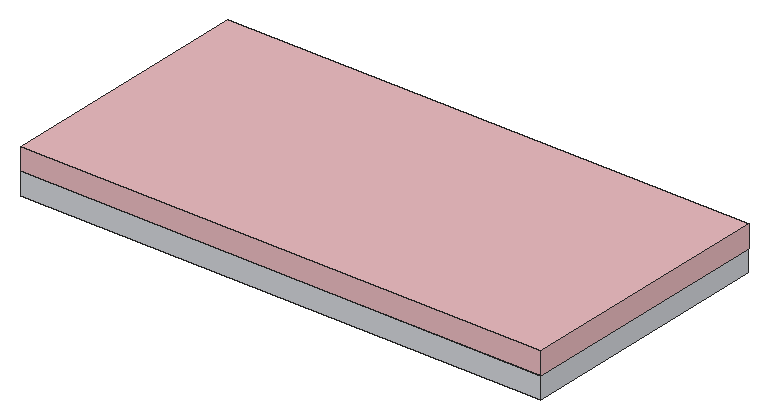
Revit family "Envirocoustic-Wood-Wool-Ceiling-Tiles", category Specialty Equipment, Revit 2024
Family settings
  Round Connector Dimension = Use Diameter
  Part Type = Normal
  OmniClass Number = 23.35.00.00
  OmniClass Title = Covering, Cladding, and Finishes
  Work Plane-Based = Yes
  Enable Cutting in Views = Yes
  Always vertical = No
  Cut with Voids When Loaded = No
  Maintain Annotation Orientation = No
  Shared = No
  Room Calculation Point = No
Parameters (values of type "2" Square 2x4 Custom Painted With 2” CFAB Backer")
  ‍     1. Tegular = Edge Option = 1  # no
  ‍      3. Thickness 2" = Thickness Options = 3  # yes
  ‍      2. Thickness 1-3/8" = Thickness Options = 2  # no
  ‍      2. 2" CFAB Backer = Backer Options = 2  # yes
  ‍      1. Thickness 1" = Thickness Options = 1  # no
  ‍      1. 1" CFAB Backer = Backer Options = 1  # no
  ‍      0. Thickness 5/8" (only for Square edge) = Thickness Options = 0  # no
  ‍      0. SoundTex Backer = Backer Options = 0  # no
  URL = "https://www.acousticalsurfaces.com/envirocoustic-wood-wool/ceiling-tile-tegular/"
  Type Comments = "Acoustic Panels"
  Thickness Options = 3
  T = if(Thickness Options = 0, 0' 0 5/8", 0' 0") + if(Thickness Options = 1, 0' 1", 0' 0") + if(Thickness Options = 2, 0' 1 3/8", 0' 0") + if(Thickness Options = 3, 0' 2", 0' 0")  # 0' - 2"
  Recycled Content Percentage = "0%"
  Model = "Envirocoustic Wood Wool"
  Material = "Envirocoustic Wood Wool"
  Manufacturer = "Acoustical Surfaces, Inc."
  Fire Rating = "ASTM E84 - Class A"
  Finish = Paint - Acoustical-Surfaces - Custom Painted
  Edge Option = 2
  ‍     2. Square = Edge Option = 2  # yes
  Width = 1' - 11 3/4"
  Length = 3' - 11 3/4"
  Description = "Acoustic Panels"
  Default Elevation = 4' - 0"
  Backer Thickness = if(Backer Options = 0, 0' 0 1/16", 0' 0") + if(Backer Options = 1, 0' 1", 0' 0") + if(Backer Options = 2, 0' 2", 0' 0")  # 0' - 2"
  Backer Options = 2
  Backer = yes
  Assembly Code = "C30"
  Acoustics - NRC = "Sound absorption varies from NRC 0.45 to 0.95 based on installation method used when tested per ASTM C423."
  A = if(Backer, Backer Thickness, 0' 0")  # 0' - 2"
Types (168): name | ‍     1. Tegular | ‍      3. Thickness 2" | ‍      2. Thickness 1-3/8" | ‍      2. 2" CFAB Backer | ‍      1. Thickness 1" | ‍      1. 1" CFAB Backer | ‍      0. Thickness 5/8" (only for Square edge) | ‍      0. SoundTex Backer | Thickness Options | T | Finish | Edge Option | ‍     2. Square | Length | Backer Thickness | Backer Options | Backer | A
  2" Square 2x4 Custom Painted With 2” CFAB Backer | no | yes | no | yes | no | no | no | no | 3 | 0' - 2" | Paint - Acoustical-Surfaces - Custom Painted | 2 | yes | 3' - 11 3/4" | 0' - 2" | 2 | yes | 0' - 2"
  2" Square 2x2 Custom Painted With 2” CFAB Backer | no | yes | no | yes | no | no | no | no | 3 | 0' - 2" | Paint - Acoustical-Surfaces - Custom Painted | 2 | yes | 1' - 11 3/4" | 0' - 2" | 2 | yes | 0' - 2"
  2" Square 2x4 Custom Painted With 1” CFAB Backer | no | yes | no | no | no | yes | no | no | 3 | 0' - 2" | Paint - Acoustical-Surfaces - Custom Painted | 2 | yes | 3' - 11 3/4" | 0' - 1" | 1 | yes | 0' - 1"
  2" Square 2x2 Custom Painted With 1” CFAB Backer | no | yes | no | no | no | yes | no | no | 3 | 0' - 2" | Paint - Acoustical-Surfaces - Custom Painted | 2 | yes | 1' - 11 3/4" | 0' - 1" | 1 | yes | 0' - 1"
  2" Square 2x4 Custom Painted With Backer 1/16" | no | yes | no | no | no | no | no | yes | 3 | 0' - 2" | Paint - Acoustical-Surfaces - Custom Painted | 2 | yes | 3' - 11 3/4" | 0' - 0 1/16" | 0 | yes | 0' - 0 1/16"
  2" Square 2x2 Custom Painted With Backer 1/16" | no | yes | no | no | no | no | no | yes | 3 | 0' - 2" | Paint - Acoustical-Surfaces - Custom Painted | 2 | yes | 1' - 11 3/4" | 0' - 0 1/16" | 0 | yes | 0' - 0 1/16"
  2" Square 2x4 Custom Painted | no | yes | no | no | no | no | no | yes | 3 | 0' - 2" | Paint - Acoustical-Surfaces - Custom Painted | 2 | yes | 3' - 11 3/4" | 0' - 0 1/16" | 0 | no | 0' - 0"
  2" Square 2x2 Custom Painted | no | yes | no | no | no | no | no | yes | 3 | 0' - 2" | Paint - Acoustical-Surfaces - Custom Painted | 2 | yes | 1' - 11 3/4" | 0' - 0 1/16" | 0 | no | 0' - 0"
  2" Square 2x4 Primed White With 2” CFAB Backer | no | yes | no | yes | no | no | no | no | 3 | 0' - 2" | Paint - Acoustical-Surfaces - Primed White | 2 | yes | 3' - 11 3/4" | 0' - 2" | 2 | yes | 0' - 2"
  2" Square 2x2 Primed White With 2” CFAB Backer | no | yes | no | yes | no | no | no | no | 3 | 0' - 2" | Paint - Acoustical-Surfaces - Primed White | 2 | yes | 1' - 11 3/4" | 0' - 2" | 2 | yes | 0' - 2"
  2" Square 2x4 Primed White With 1” CFAB Backer | no | yes | no | no | no | yes | no | no | 3 | 0' - 2" | Paint - Acoustical-Surfaces - Primed White | 2 | yes | 3' - 11 3/4" | 0' - 1" | 1 | yes | 0' - 1"
  2" Square 2x2 Primed White With 1” CFAB Backer | no | yes | no | no | no | yes | no | no | 3 | 0' - 2" | Paint - Acoustical-Surfaces - Primed White | 2 | yes | 1' - 11 3/4" | 0' - 1" | 1 | yes | 0' - 1"
  2" Square 2x4 Primed White With Backer 1/16" | no | yes | no | no | no | no | no | yes | 3 | 0' - 2" | Paint - Acoustical-Surfaces - Primed White | 2 | yes | 3' - 11 3/4" | 0' - 0 1/16" | 0 | yes | 0' - 0 1/16"
  2" Square 2x2 Primed White With Backer 1/16" | no | yes | no | no | no | no | no | yes | 3 | 0' - 2" | Paint - Acoustical-Surfaces - Primed White | 2 | yes | 1' - 11 3/4" | 0' - 0 1/16" | 0 | yes | 0' - 0 1/16"
  2" Square 2x4 Primed White | no | yes | no | no | no | no | no | yes | 3 | 0' - 2" | Paint - Acoustical-Surfaces - Primed White | 2 | yes | 3' - 11 3/4" | 0' - 0 1/16" | 0 | no | 0' - 0"
  2" Square 2x2 Primed White | no | yes | no | no | no | no | no | yes | 3 | 0' - 2" | Paint - Acoustical-Surfaces - Primed White | 2 | yes | 1' - 11 3/4" | 0' - 0 1/16" | 0 | no | 0' - 0"
  2" Square 2x4 Primed Clear With 2” CFAB Backer | no | yes | no | yes | no | no | no | no | 3 | 0' - 2" | Paint - Acoustical-Surfaces - Primed Clear | 2 | yes | 3' - 11 3/4" | 0' - 2" | 2 | yes | 0' - 2"
  2" Square 2x2 Primed Clear With 2” CFAB Backer | no | yes | no | yes | no | no | no | no | 3 | 0' - 2" | Paint - Acoustical-Surfaces - Primed Clear | 2 | yes | 1' - 11 3/4" | 0' - 2" | 2 | yes | 0' - 2"
  2" Square 2x4 Primed Clear With 1” CFAB Backer | no | yes | no | no | no | yes | no | no | 3 | 0' - 2" | Paint - Acoustical-Surfaces - Primed Clear | 2 | yes | 3' - 11 3/4" | 0' - 1" | 1 | yes | 0' - 1"
  2" Square 2x2 Primed Clear With 1” CFAB Backer | no | yes | no | no | no | yes | no | no | 3 | 0' - 2" | Paint - Acoustical-Surfaces - Primed Clear | 2 | yes | 1' - 11 3/4" | 0' - 1" | 1 | yes | 0' - 1"
  2" Square 2x4 Primed Clear With Backer 1/16" | no | yes | no | no | no | no | no | yes | 3 | 0' - 2" | Paint - Acoustical-Surfaces - Primed Clear | 2 | yes | 3' - 11 3/4" | 0' - 0 1/16" | 0 | yes | 0' - 0 1/16"
  2" Square 2x2 Primed Clear With Backer 1/16" | no | yes | no | no | no | no | no | yes | 3 | 0' - 2" | Paint - Acoustical-Surfaces - Primed Clear | 2 | yes | 1' - 11 3/4" | 0' - 0 1/16" | 0 | yes | 0' - 0 1/16"
  2" Square 2x4 Primed Clear | no | yes | no | no | no | no | no | yes | 3 | 0' - 2" | Paint - Acoustical-Surfaces - Primed Clear | 2 | yes | 3' - 11 3/4" | 0' - 0 1/16" | 0 | no | 0' - 0"
  2" Square 2x2 Primed Clear | no | yes | no | no | no | no | no | yes | 3 | 0' - 2" | Paint - Acoustical-Surfaces - Primed Clear | 2 | yes | 1' - 11 3/4" | 0' - 0 1/16" | 0 | no | 0' - 0"
  1-3/8" Square 2x4 Custom Painted With 2” CFAB Backer | no | no | yes | yes | no | no | no | no | 2 | 0' - 1 3/8" | Paint - Acoustical-Surfaces - Custom Painted | 2 | yes | 3' - 11 3/4" | 0' - 2" | 2 | yes | 0' - 2"
  1-3/8" Square 2x2 Custom Painted With 2” CFAB Backer | no | no | yes | yes | no | no | no | no | 2 | 0' - 1 3/8" | Paint - Acoustical-Surfaces - Custom Painted | 2 | yes | 1' - 11 3/4" | 0' - 2" | 2 | yes | 0' - 2"
  1-3/8" Square 2x4 Custom Painted With 1” CFAB Backer | no | no | yes | no | no | yes | no | no | 2 | 0' - 1 3/8" | Paint - Acoustical-Surfaces - Custom Painted | 2 | yes | 3' - 11 3/4" | 0' - 1" | 1 | yes | 0' - 1"
  1-3/8" Square 2x2 Custom Painted With 1” CFAB Backer | no | no | yes | no | no | yes | no | no | 2 | 0' - 1 3/8" | Paint - Acoustical-Surfaces - Custom Painted | 2 | yes | 1' - 11 3/4" | 0' - 1" | 1 | yes | 0' - 1"
  1-3/8" Square 2x4 Custom Painted With Backer 1/16" | no | no | yes | no | no | no | no | yes | 2 | 0' - 1 3/8" | Paint - Acoustical-Surfaces - Custom Painted | 2 | yes | 3' - 11 3/4" | 0' - 0 1/16" | 0 | yes | 0' - 0 1/16"
  1-3/8" Square 2x2 Custom Painted With Backer 1/16" | no | no | yes | no | no | no | no | yes | 2 | 0' - 1 3/8" | Paint - Acoustical-Surfaces - Custom Painted | 2 | yes | 1' - 11 3/4" | 0' - 0 1/16" | 0 | yes | 0' - 0 1/16"
  1-3/8" Square 2x4 Custom Painted | no | no | yes | no | no | no | no | yes | 2 | 0' - 1 3/8" | Paint - Acoustical-Surfaces - Custom Painted | 2 | yes | 3' - 11 3/4" | 0' - 0 1/16" | 0 | no | 0' - 0"
  1-3/8" Square 2x2 Custom Painted | no | no | yes | no | no | no | no | yes | 2 | 0' - 1 3/8" | Paint - Acoustical-Surfaces - Custom Painted | 2 | yes | 1' - 11 3/4" | 0' - 0 1/16" | 0 | no | 0' - 0"
  1-3/8" Square 2x4 Primed White With 2” CFAB Backer | no | no | yes | yes | no | no | no | no | 2 | 0' - 1 3/8" | Paint - Acoustical-Surfaces - Primed White | 2 | yes | 3' - 11 3/4" | 0' - 2" | 2 | yes | 0' - 2"
  1-3/8" Square 2x2 Primed White With 2” CFAB Backer | no | no | yes | yes | no | no | no | no | 2 | 0' - 1 3/8" | Paint - Acoustical-Surfaces - Primed White | 2 | yes | 1' - 11 3/4" | 0' - 2" | 2 | yes | 0' - 2"
  1-3/8" Square 2x4 Primed White With 1” CFAB Backer | no | no | yes | no | no | yes | no | no | 2 | 0' - 1 3/8" | Paint - Acoustical-Surfaces - Primed White | 2 | yes | 3' - 11 3/4" | 0' - 1" | 1 | yes | 0' - 1"
  1-3/8" Square 2x2 Primed White With 1” CFAB Backer | no | no | yes | no | no | yes | no | no | 2 | 0' - 1 3/8" | Paint - Acoustical-Surfaces - Primed White | 2 | yes | 1' - 11 3/4" | 0' - 1" | 1 | yes | 0' - 1"
  1-3/8" Square 2x4 Primed White With Backer 1/16" | no | no | yes | no | no | no | no | yes | 2 | 0' - 1 3/8" | Paint - Acoustical-Surfaces - Primed White | 2 | yes | 3' - 11 3/4" | 0' - 0 1/16" | 0 | yes | 0' - 0 1/16"
  1-3/8" Square 2x2 Primed White With Backer 1/16" | no | no | yes | no | no | no | no | yes | 2 | 0' - 1 3/8" | Paint - Acoustical-Surfaces - Primed White | 2 | yes | 1' - 11 3/4" | 0' - 0 1/16" | 0 | yes | 0' - 0 1/16"
  1-3/8" Square 2x4 Primed White | no | no | yes | no | no | no | no | yes | 2 | 0' - 1 3/8" | Paint - Acoustical-Surfaces - Primed White | 2 | yes | 3' - 11 3/4" | 0' - 0 1/16" | 0 | no | 0' - 0"
  1-3/8" Square 2x2 Primed White | no | no | yes | no | no | no | no | yes | 2 | 0' - 1 3/8" | Paint - Acoustical-Surfaces - Primed White | 2 | yes | 1' - 11 3/4" | 0' - 0 1/16" | 0 | no | 0' - 0"
  1-3/8" Square 2x4 Primed Clear With 2” CFAB Backer | no | no | yes | yes | no | no | no | no | 2 | 0' - 1 3/8" | Paint - Acoustical-Surfaces - Primed Clear | 2 | yes | 3' - 11 3/4" | 0' - 2" | 2 | yes | 0' - 2"
  1-3/8" Square 2x2 Primed Clear With 2” CFAB Backer | no | no | yes | yes | no | no | no | no | 2 | 0' - 1 3/8" | Paint - Acoustical-Surfaces - Primed Clear | 2 | yes | 1' - 11 3/4" | 0' - 2" | 2 | yes | 0' - 2"
  1-3/8" Square 2x4 Primed Clear With 1” CFAB Backer | no | no | yes | no | no | yes | no | no | 2 | 0' - 1 3/8" | Paint - Acoustical-Surfaces - Primed Clear | 2 | yes | 3' - 11 3/4" | 0' - 1" | 1 | yes | 0' - 1"
  1-3/8" Square 2x2 Primed Clear With 1” CFAB Backer | no | no | yes | no | no | yes | no | no | 2 | 0' - 1 3/8" | Paint - Acoustical-Surfaces - Primed Clear | 2 | yes | 1' - 11 3/4" | 0' - 1" | 1 | yes | 0' - 1"
  1-3/8" Square 2x4 Primed Clear With Backer 1/16" | no | no | yes | no | no | no | no | yes | 2 | 0' - 1 3/8" | Paint - Acoustical-Surfaces - Primed Clear | 2 | yes | 3' - 11 3/4" | 0' - 0 1/16" | 0 | yes | 0' - 0 1/16"
  1-3/8" Square 2x2 Primed Clear With Backer 1/16" | no | no | yes | no | no | no | no | yes | 2 | 0' - 1 3/8" | Paint - Acoustical-Surfaces - Primed Clear | 2 | yes | 1' - 11 3/4" | 0' - 0 1/16" | 0 | yes | 0' - 0 1/16"
  1-3/8" Square 2x4 Primed Clear | no | no | yes | no | no | no | no | yes | 2 | 0' - 1 3/8" | Paint - Acoustical-Surfaces - Primed Clear | 2 | yes | 3' - 11 3/4" | 0' - 0 1/16" | 0 | no | 0' - 0"
  1-3/8" Square 2x2 Primed Clear | no | no | yes | no | no | no | no | yes | 2 | 0' - 1 3/8" | Paint - Acoustical-Surfaces - Primed Clear | 2 | yes | 1' - 11 3/4" | 0' - 0 1/16" | 0 | no | 0' - 0"
  1" Square 2x4 Custom Painted With 2” CFAB Backer | no | no | no | yes | yes | no | no | no | 1 | 0' - 1" | Paint - Acoustical-Surfaces - Custom Painted | 2 | yes | 3' - 11 3/4" | 0' - 2" | 2 | yes | 0' - 2"
  1" Square 2x2 Custom Painted With 2” CFAB Backer | no | no | no | yes | yes | no | no | no | 1 | 0' - 1" | Paint - Acoustical-Surfaces - Custom Painted | 2 | yes | 1' - 11 3/4" | 0' - 2" | 2 | yes | 0' - 2"
  1" Square 2x4 Custom Painted With 1” CFAB Backer | no | no | no | no | yes | yes | no | no | 1 | 0' - 1" | Paint - Acoustical-Surfaces - Custom Painted | 2 | yes | 3' - 11 3/4" | 0' - 1" | 1 | yes | 0' - 1"
  1" Square 2x2 Custom Painted With 1” CFAB Backer | no | no | no | no | yes | yes | no | no | 1 | 0' - 1" | Paint - Acoustical-Surfaces - Custom Painted | 2 | yes | 1' - 11 3/4" | 0' - 1" | 1 | yes | 0' - 1"
  1" Square 2x4 Custom Painted With Backer 1/16" | no | no | no | no | yes | no | no | yes | 1 | 0' - 1" | Paint - Acoustical-Surfaces - Custom Painted | 2 | yes | 3' - 11 3/4" | 0' - 0 1/16" | 0 | yes | 0' - 0 1/16"
  1" Square 2x2 Custom Painted With Backer 1/16" | no | no | no | no | yes | no | no | yes | 1 | 0' - 1" | Paint - Acoustical-Surfaces - Custom Painted | 2 | yes | 1' - 11 3/4" | 0' - 0 1/16" | 0 | yes | 0' - 0 1/16"
  1" Square 2x4 Custom Painted | no | no | no | no | yes | no | no | yes | 1 | 0' - 1" | Paint - Acoustical-Surfaces - Custom Painted | 2 | yes | 3' - 11 3/4" | 0' - 0 1/16" | 0 | no | 0' - 0"
  1" Square 2x2 Custom Painted | no | no | no | no | yes | no | no | yes | 1 | 0' - 1" | Paint - Acoustical-Surfaces - Custom Painted | 2 | yes | 1' - 11 3/4" | 0' - 0 1/16" | 0 | no | 0' - 0"
  1" Square 2x4 Primed White With 2” CFAB Backer | no | no | no | yes | yes | no | no | no | 1 | 0' - 1" | Paint - Acoustical-Surfaces - Primed White | 2 | yes | 3' - 11 3/4" | 0' - 2" | 2 | yes | 0' - 2"
  1" Square 2x2 Primed White With 2” CFAB Backer | no | no | no | yes | yes | no | no | no | 1 | 0' - 1" | Paint - Acoustical-Surfaces - Primed White | 2 | yes | 1' - 11 3/4" | 0' - 2" | 2 | yes | 0' - 2"
  1" Square 2x4 Primed White With 1” CFAB Backer | no | no | no | no | yes | yes | no | no | 1 | 0' - 1" | Paint - Acoustical-Surfaces - Primed White | 2 | yes | 3' - 11 3/4" | 0' - 1" | 1 | yes | 0' - 1"
  1" Square 2x2 Primed White With 1” CFAB Backer | no | no | no | no | yes | yes | no | no | 1 | 0' - 1" | Paint - Acoustical-Surfaces - Primed White | 2 | yes | 1' - 11 3/4" | 0' - 1" | 1 | yes | 0' - 1"
  1" Square 2x4 Primed White With Backer 1/16" | no | no | no | no | yes | no | no | yes | 1 | 0' - 1" | Paint - Acoustical-Surfaces - Primed White | 2 | yes | 3' - 11 3/4" | 0' - 0 1/16" | 0 | yes | 0' - 0 1/16"
  1" Square 2x2 Primed White With Backer 1/16" | no | no | no | no | yes | no | no | yes | 1 | 0' - 1" | Paint - Acoustical-Surfaces - Primed White | 2 | yes | 1' - 11 3/4" | 0' - 0 1/16" | 0 | yes | 0' - 0 1/16"
  1" Square 2x4 Primed White | no | no | no | no | yes | no | no | yes | 1 | 0' - 1" | Paint - Acoustical-Surfaces - Primed White | 2 | yes | 3' - 11 3/4" | 0' - 0 1/16" | 0 | no | 0' - 0"
  1" Square 2x2 Primed White | no | no | no | no | yes | no | no | yes | 1 | 0' - 1" | Paint - Acoustical-Surfaces - Primed White | 2 | yes | 1' - 11 3/4" | 0' - 0 1/16" | 0 | no | 0' - 0"
  1" Square 2x4 Primed Clear With 2” CFAB Backer | no | no | no | yes | yes | no | no | no | 1 | 0' - 1" | Paint - Acoustical-Surfaces - Primed Clear | 2 | yes | 3' - 11 3/4" | 0' - 2" | 2 | yes | 0' - 2"
  1" Square 2x2 Primed Clear With 2” CFAB Backer | no | no | no | yes | yes | no | no | no | 1 | 0' - 1" | Paint - Acoustical-Surfaces - Primed Clear | 2 | yes | 1' - 11 3/4" | 0' - 2" | 2 | yes | 0' - 2"
  1" Square 2x4 Primed Clear With 1” CFAB Backer | no | no | no | no | yes | yes | no | no | 1 | 0' - 1" | Paint - Acoustical-Surfaces - Primed Clear | 2 | yes | 3' - 11 3/4" | 0' - 1" | 1 | yes | 0' - 1"
  1" Square 2x2 Primed Clear With 1” CFAB Backer | no | no | no | no | yes | yes | no | no | 1 | 0' - 1" | Paint - Acoustical-Surfaces - Primed Clear | 2 | yes | 1' - 11 3/4" | 0' - 1" | 1 | yes | 0' - 1"
  1" Square 2x4 Primed Clear With Backer 1/16" | no | no | no | no | yes | no | no | yes | 1 | 0' - 1" | Paint - Acoustical-Surfaces - Primed Clear | 2 | yes | 3' - 11 3/4" | 0' - 0 1/16" | 0 | yes | 0' - 0 1/16"
  1" Square 2x2 Primed Clear With Backer 1/16" | no | no | no | no | yes | no | no | yes | 1 | 0' - 1" | Paint - Acoustical-Surfaces - Primed Clear | 2 | yes | 1' - 11 3/4" | 0' - 0 1/16" | 0 | yes | 0' - 0 1/16"
  1" Square 2x4 Primed Clear | no | no | no | no | yes | no | no | yes | 1 | 0' - 1" | Paint - Acoustical-Surfaces - Primed Clear | 2 | yes | 3' - 11 3/4" | 0' - 0 1/16" | 0 | no | 0' - 0"
  1" Square 2x2 Primed Clear | no | no | no | no | yes | no | no | yes | 1 | 0' - 1" | Paint - Acoustical-Surfaces - Primed Clear | 2 | yes | 1' - 11 3/4" | 0' - 0 1/16" | 0 | no | 0' - 0"
  2" Tegular 2x4 Custom Painted With 2” CFAB Backer | yes | yes | no | yes | no | no | no | no | 3 | 0' - 2" | Paint - Acoustical-Surfaces - Custom Painted | 1 | no | 3' - 11 3/4" | 0' - 2" | 2 | yes | 0' - 2"
  2" Tegular 2x2 Custom Painted With 2” CFAB Backer | yes | yes | no | yes | no | no | no | no | 3 | 0' - 2" | Paint - Acoustical-Surfaces - Custom Painted | 1 | no | 1' - 11 3/4" | 0' - 2" | 2 | yes | 0' - 2"
  2" Tegular 2x4 Custom Painted With 1” CFAB Backer | yes | yes | no | no | no | yes | no | no | 3 | 0' - 2" | Paint - Acoustical-Surfaces - Custom Painted | 1 | no | 3' - 11 3/4" | 0' - 1" | 1 | yes | 0' - 1"
  2" Tegular 2x2 Custom Painted With 1” CFAB Backer | yes | yes | no | no | no | yes | no | no | 3 | 0' - 2" | Paint - Acoustical-Surfaces - Custom Painted | 1 | no | 1' - 11 3/4" | 0' - 1" | 1 | yes | 0' - 1"
  2" Tegular 2x4 Custom Painted With Backer 1/16" | yes | yes | no | no | no | no | no | yes | 3 | 0' - 2" | Paint - Acoustical-Surfaces - Custom Painted | 1 | no | 3' - 11 3/4" | 0' - 0 1/16" | 0 | yes | 0' - 0 1/16"
  2" Tegular 2x2 Custom Painted With Backer 1/16" | yes | yes | no | no | no | no | no | yes | 3 | 0' - 2" | Paint - Acoustical-Surfaces - Custom Painted | 1 | no | 1' - 11 3/4" | 0' - 0 1/16" | 0 | yes | 0' - 0 1/16"
  2" Tegular 2x4 Custom Painted | yes | yes | no | no | no | no | no | yes | 3 | 0' - 2" | Paint - Acoustical-Surfaces - Custom Painted | 1 | no | 3' - 11 3/4" | 0' - 0 1/16" | 0 | no | 0' - 0"
  2" Tegular 2x2 Custom Painted | yes | yes | no | no | no | no | no | yes | 3 | 0' - 2" | Paint - Acoustical-Surfaces - Custom Painted | 1 | no | 1' - 11 3/4" | 0' - 0 1/16" | 0 | no | 0' - 0"
  2" Tegular 2x4 Primed White With 2” CFAB Backer | yes | yes | no | yes | no | no | no | no | 3 | 0' - 2" | Paint - Acoustical-Surfaces - Primed White | 1 | no | 3' - 11 3/4" | 0' - 2" | 2 | yes | 0' - 2"
  2" Tegular 2x2 Primed White With 2” CFAB Backer | yes | yes | no | yes | no | no | no | no | 3 | 0' - 2" | Paint - Acoustical-Surfaces - Primed White | 1 | no | 1' - 11 3/4" | 0' - 2" | 2 | yes | 0' - 2"
  2" Tegular 2x4 Primed White With 1” CFAB Backer | yes | yes | no | no | no | yes | no | no | 3 | 0' - 2" | Paint - Acoustical-Surfaces - Primed White | 1 | no | 3' - 11 3/4" | 0' - 1" | 1 | yes | 0' - 1"
  2" Tegular 2x2 Primed White With 1” CFAB Backer | yes | yes | no | no | no | yes | no | no | 3 | 0' - 2" | Paint - Acoustical-Surfaces - Primed White | 1 | no | 1' - 11 3/4" | 0' - 1" | 1 | yes | 0' - 1"
  2" Tegular 2x4 Primed White With Backer 1/16" | yes | yes | no | no | no | no | no | yes | 3 | 0' - 2" | Paint - Acoustical-Surfaces - Primed White | 1 | no | 3' - 11 3/4" | 0' - 0 1/16" | 0 | yes | 0' - 0 1/16"
  2" Tegular 2x2 Primed White With Backer 1/16" | yes | yes | no | no | no | no | no | yes | 3 | 0' - 2" | Paint - Acoustical-Surfaces - Primed White | 1 | no | 1' - 11 3/4" | 0' - 0 1/16" | 0 | yes | 0' - 0 1/16"
  2" Tegular 2x4 Primed White | yes | yes | no | no | no | no | no | yes | 3 | 0' - 2" | Paint - Acoustical-Surfaces - Primed White | 1 | no | 3' - 11 3/4" | 0' - 0 1/16" | 0 | no | 0' - 0"
  2" Tegular 2x2 Primed White | yes | yes | no | no | no | no | no | yes | 3 | 0' - 2" | Paint - Acoustical-Surfaces - Primed White | 1 | no | 1' - 11 3/4" | 0' - 0 1/16" | 0 | no | 0' - 0"
  2" Tegular 2x4 Primed Clear With 2” CFAB Backer | yes | yes | no | yes | no | no | no | no | 3 | 0' - 2" | Paint - Acoustical-Surfaces - Primed Clear | 1 | no | 3' - 11 3/4" | 0' - 2" | 2 | yes | 0' - 2"
  2" Tegular 2x2 Primed Clear With 2” CFAB Backer | yes | yes | no | yes | no | no | no | no | 3 | 0' - 2" | Paint - Acoustical-Surfaces - Primed Clear | 1 | no | 1' - 11 3/4" | 0' - 2" | 2 | yes | 0' - 2"
  2" Tegular 2x4 Primed Clear With 1” CFAB Backer | yes | yes | no | no | no | yes | no | no | 3 | 0' - 2" | Paint - Acoustical-Surfaces - Primed Clear | 1 | no | 3' - 11 3/4" | 0' - 1" | 1 | yes | 0' - 1"
  2" Tegular 2x2 Primed Clear With 1” CFAB Backer | yes | yes | no | no | no | yes | no | no | 3 | 0' - 2" | Paint - Acoustical-Surfaces - Primed Clear | 1 | no | 1' - 11 3/4" | 0' - 1" | 1 | yes | 0' - 1"
  2" Tegular 2x4 Primed Clear With Backer 1/16" | yes | yes | no | no | no | no | no | yes | 3 | 0' - 2" | Paint - Acoustical-Surfaces - Primed Clear | 1 | no | 3' - 11 3/4" | 0' - 0 1/16" | 0 | yes | 0' - 0 1/16"
  2" Tegular 2x2 Primed Clear With Backer 1/16" | yes | yes | no | no | no | no | no | yes | 3 | 0' - 2" | Paint - Acoustical-Surfaces - Primed Clear | 1 | no | 1' - 11 3/4" | 0' - 0 1/16" | 0 | yes | 0' - 0 1/16"
  2" Tegular 2x4 Primed Clear | yes | yes | no | no | no | no | no | yes | 3 | 0' - 2" | Paint - Acoustical-Surfaces - Primed Clear | 1 | no | 3' - 11 3/4" | 0' - 0 1/16" | 0 | no | 0' - 0"
  2" Tegular 2x2 Primed Clear | yes | yes | no | no | no | no | no | yes | 3 | 0' - 2" | Paint - Acoustical-Surfaces - Primed Clear | 1 | no | 1' - 11 3/4" | 0' - 0 1/16" | 0 | no | 0' - 0"
  1-3/8" Tegular 2x4 Custom Painted With 2” CFAB Backer | yes | no | yes | yes | no | no | no | no | 2 | 0' - 1 3/8" | Paint - Acoustical-Surfaces - Custom Painted | 1 | no | 3' - 11 3/4" | 0' - 2" | 2 | yes | 0' - 2"
  1-3/8" Tegular 2x2 Custom Painted With 2” CFAB Backer | yes | no | yes | yes | no | no | no | no | 2 | 0' - 1 3/8" | Paint - Acoustical-Surfaces - Custom Painted | 1 | no | 1' - 11 3/4" | 0' - 2" | 2 | yes | 0' - 2"
  1-3/8" Tegular 2x4 Custom Painted With 1” CFAB Backer | yes | no | yes | no | no | yes | no | no | 2 | 0' - 1 3/8" | Paint - Acoustical-Surfaces - Custom Painted | 1 | no | 3' - 11 3/4" | 0' - 1" | 1 | yes | 0' - 1"
  1-3/8" Tegular 2x2 Custom Painted With 1” CFAB Backer | yes | no | yes | no | no | yes | no | no | 2 | 0' - 1 3/8" | Paint - Acoustical-Surfaces - Custom Painted | 1 | no | 1' - 11 3/4" | 0' - 1" | 1 | yes | 0' - 1"
  1-3/8" Tegular 2x4 Custom Painted With Backer 1/16" | yes | no | yes | no | no | no | no | yes | 2 | 0' - 1 3/8" | Paint - Acoustical-Surfaces - Custom Painted | 1 | no | 3' - 11 3/4" | 0' - 0 1/16" | 0 | yes | 0' - 0 1/16"
  1-3/8" Tegular 2x2 Custom Painted With Backer 1/16" | yes | no | yes | no | no | no | no | yes | 2 | 0' - 1 3/8" | Paint - Acoustical-Surfaces - Custom Painted | 1 | no | 1' - 11 3/4" | 0' - 0 1/16" | 0 | yes | 0' - 0 1/16"
  1-3/8" Tegular 2x4 Custom Painted | yes | no | yes | no | no | no | no | yes | 2 | 0' - 1 3/8" | Paint - Acoustical-Surfaces - Custom Painted | 1 | no | 3' - 11 3/4" | 0' - 0 1/16" | 0 | no | 0' - 0"
  1-3/8" Tegular 2x2 Custom Painted | yes | no | yes | no | no | no | no | yes | 2 | 0' - 1 3/8" | Paint - Acoustical-Surfaces - Custom Painted | 1 | no | 1' - 11 3/4" | 0' - 0 1/16" | 0 | no | 0' - 0"
  1-3/8" Tegular 2x4 Primed White With 2” CFAB Backer | yes | no | yes | yes | no | no | no | no | 2 | 0' - 1 3/8" | Paint - Acoustical-Surfaces - Primed White | 1 | no | 3' - 11 3/4" | 0' - 2" | 2 | yes | 0' - 2"
  1-3/8" Tegular 2x2 Primed White With 2” CFAB Backer | yes | no | yes | yes | no | no | no | no | 2 | 0' - 1 3/8" | Paint - Acoustical-Surfaces - Primed White | 1 | no | 1' - 11 3/4" | 0' - 2" | 2 | yes | 0' - 2"
  1-3/8" Tegular 2x4 Primed White With 1” CFAB Backer | yes | no | yes | no | no | yes | no | no | 2 | 0' - 1 3/8" | Paint - Acoustical-Surfaces - Primed White | 1 | no | 3' - 11 3/4" | 0' - 1" | 1 | yes | 0' - 1"
  1-3/8" Tegular 2x2 Primed White With 1” CFAB Backer | yes | no | yes | no | no | yes | no | no | 2 | 0' - 1 3/8" | Paint - Acoustical-Surfaces - Primed White | 1 | no | 1' - 11 3/4" | 0' - 1" | 1 | yes | 0' - 1"
  1-3/8" Tegular 2x4 Primed White With Backer 1/16" | yes | no | yes | no | no | no | no | yes | 2 | 0' - 1 3/8" | Paint - Acoustical-Surfaces - Primed White | 1 | no | 3' - 11 3/4" | 0' - 0 1/16" | 0 | yes | 0' - 0 1/16"
  1-3/8" Tegular 2x2 Primed White With Backer 1/16" | yes | no | yes | no | no | no | no | yes | 2 | 0' - 1 3/8" | Paint - Acoustical-Surfaces - Primed White | 1 | no | 1' - 11 3/4" | 0' - 0 1/16" | 0 | yes | 0' - 0 1/16"
  1-3/8" Tegular 2x4 Primed White | yes | no | yes | no | no | no | no | yes | 2 | 0' - 1 3/8" | Paint - Acoustical-Surfaces - Primed White | 1 | no | 3' - 11 3/4" | 0' - 0 1/16" | 0 | no | 0' - 0"
  1-3/8" Tegular 2x2 Primed White | yes | no | yes | no | no | no | no | yes | 2 | 0' - 1 3/8" | Paint - Acoustical-Surfaces - Primed White | 1 | no | 1' - 11 3/4" | 0' - 0 1/16" | 0 | no | 0' - 0"
  1-3/8" Tegular 2x4 Primed Clear With 2” CFAB Backer | yes | no | yes | yes | no | no | no | no | 2 | 0' - 1 3/8" | Paint - Acoustical-Surfaces - Primed Clear | 1 | no | 3' - 11 3/4" | 0' - 2" | 2 | yes | 0' - 2"
  1-3/8" Tegular 2x2 Primed Clear With 2” CFAB Backer | yes | no | yes | yes | no | no | no | no | 2 | 0' - 1 3/8" | Paint - Acoustical-Surfaces - Primed Clear | 1 | no | 1' - 11 3/4" | 0' - 2" | 2 | yes | 0' - 2"
  1-3/8" Tegular 2x4 Primed Clear With 1” CFAB Backer | yes | no | yes | no | no | yes | no | no | 2 | 0' - 1 3/8" | Paint - Acoustical-Surfaces - Primed Clear | 1 | no | 3' - 11 3/4" | 0' - 1" | 1 | yes | 0' - 1"
  1-3/8" Tegular 2x2 Primed Clear With 1” CFAB Backer | yes | no | yes | no | no | yes | no | no | 2 | 0' - 1 3/8" | Paint - Acoustical-Surfaces - Primed Clear | 1 | no | 1' - 11 3/4" | 0' - 1" | 1 | yes | 0' - 1"
  1-3/8" Tegular 2x4 Primed Clear With Backer 1/16" | yes | no | yes | no | no | no | no | yes | 2 | 0' - 1 3/8" | Paint - Acoustical-Surfaces - Primed Clear | 1 | no | 3' - 11 3/4" | 0' - 0 1/16" | 0 | yes | 0' - 0 1/16"
  1-3/8" Tegular 2x2 Primed Clear With Backer 1/16" | yes | no | yes | no | no | no | no | yes | 2 | 0' - 1 3/8" | Paint - Acoustical-Surfaces - Primed Clear | 1 | no | 1' - 11 3/4" | 0' - 0 1/16" | 0 | yes | 0' - 0 1/16"
  1-3/8" Tegular 2x4 Primed Clear | yes | no | yes | no | no | no | no | yes | 2 | 0' - 1 3/8" | Paint - Acoustical-Surfaces - Primed Clear | 1 | no | 3' - 11 3/4" | 0' - 0 1/16" | 0 | no | 0' - 0"
  1-3/8" Tegular 2x2 Primed Clear | yes | no | yes | no | no | no | no | yes | 2 | 0' - 1 3/8" | Paint - Acoustical-Surfaces - Primed Clear | 1 | no | 1' - 11 3/4" | 0' - 0 1/16" | 0 | no | 0' - 0"
  5/8" Square 2x4 Custom Painted With 2” CFAB Backer | no | no | no | yes | no | no | yes | no | 0 | 0' - 0 5/8" | Paint - Acoustical-Surfaces - Custom Painted | 2 | yes | 3' - 11 3/4" | 0' - 2" | 2 | yes | 0' - 2"
  5/8" Square 2x4 Primed White With 2” CFAB Backer | no | no | no | yes | no | no | yes | no | 0 | 0' - 0 5/8" | Paint - Acoustical-Surfaces - Primed White | 2 | yes | 3' - 11 3/4" | 0' - 2" | 2 | yes | 0' - 2"
  5/8" Square 2x4 Primed Clear With 2” CFAB Backer | no | no | no | yes | no | no | yes | no | 0 | 0' - 0 5/8" | Paint - Acoustical-Surfaces - Primed Clear | 2 | yes | 3' - 11 3/4" | 0' - 2" | 2 | yes | 0' - 2"
  1" Tegular 2x4 Custom Painted With 2” CFAB Backer | yes | no | no | yes | yes | no | no | no | 1 | 0' - 1" | Paint - Acoustical-Surfaces - Custom Painted | 1 | no | 3' - 11 3/4" | 0' - 2" | 2 | yes | 0' - 2"
  1" Tegular 2x4 Primed White With 2” CFAB Backer | yes | no | no | yes | yes | no | no | no | 1 | 0' - 1" | Paint - Acoustical-Surfaces - Primed White | 1 | no | 3' - 11 3/4" | 0' - 2" | 2 | yes | 0' - 2"
  1" Tegular 2x4 Primed Clear With 2” CFAB Backer | yes | no | no | yes | yes | no | no | no | 1 | 0' - 1" | Paint - Acoustical-Surfaces - Primed Clear | 1 | no | 3' - 11 3/4" | 0' - 2" | 2 | yes | 0' - 2"
  5/8" Square 2x2 Custom Painted With 2” CFAB Backer | no | no | no | yes | no | no | yes | no | 0 | 0' - 0 5/8" | Paint - Acoustical-Surfaces - Custom Painted | 2 | yes | 1' - 11 3/4" | 0' - 2" | 2 | yes | 0' - 2"
  5/8" Square 2x2 Primed White With 2” CFAB Backer | no | no | no | yes | no | no | yes | no | 0 | 0' - 0 5/8" | Paint - Acoustical-Surfaces - Primed White | 2 | yes | 1' - 11 3/4" | 0' - 2" | 2 | yes | 0' - 2"
  5/8" Square 2x2 Primed Clear With 2” CFAB Backer | no | no | no | yes | no | no | yes | no | 0 | 0' - 0 5/8" | Paint - Acoustical-Surfaces - Primed Clear | 2 | yes | 1' - 11 3/4" | 0' - 2" | 2 | yes | 0' - 2"
  1" Tegular 2x2 Custom Painted With 2” CFAB Backer | yes | no | no | yes | yes | no | no | no | 1 | 0' - 1" | Paint - Acoustical-Surfaces - Custom Painted | 1 | no | 1' - 11 3/4" | 0' - 2" | 2 | yes | 0' - 2"
  1" Tegular 2x2 Primed White With 2” CFAB Backer | yes | no | no | yes | yes | no | no | no | 1 | 0' - 1" | Paint - Acoustical-Surfaces - Primed White | 1 | no | 1' - 11 3/4" | 0' - 2" | 2 | yes | 0' - 2"
  1" Tegular 2x2 Primed Clear With 2” CFAB Backer | yes | no | no | yes | yes | no | no | no | 1 | 0' - 1" | Paint - Acoustical-Surfaces - Primed Clear | 1 | no | 1' - 11 3/4" | 0' - 2" | 2 | yes | 0' - 2"
  5/8" Square 2x4 Custom Painted With 1” CFAB Backer | no | no | no | no | no | yes | yes | no | 0 | 0' - 0 5/8" | Paint - Acoustical-Surfaces - Custom Painted | 2 | yes | 3' - 11 3/4" | 0' - 1" | 1 | yes | 0' - 1"
  5/8" Square 2x4 Primed White With 1” CFAB Backer | no | no | no | no | no | yes | yes | no | 0 | 0' - 0 5/8" | Paint - Acoustical-Surfaces - Primed White | 2 | yes | 3' - 11 3/4" | 0' - 1" | 1 | yes | 0' - 1"
  5/8" Square 2x4 Primed Clear With 1” CFAB Backer | no | no | no | no | no | yes | yes | no | 0 | 0' - 0 5/8" | Paint - Acoustical-Surfaces - Primed Clear | 2 | yes | 3' - 11 3/4" | 0' - 1" | 1 | yes | 0' - 1"
  1" Tegular 2x4 Custom Painted With 1” CFAB Backer | yes | no | no | no | yes | yes | no | no | 1 | 0' - 1" | Paint - Acoustical-Surfaces - Custom Painted | 1 | no | 3' - 11 3/4" | 0' - 1" | 1 | yes | 0' - 1"
  1" Tegular 2x4 Primed White With 1” CFAB Backer | yes | no | no | no | yes | yes | no | no | 1 | 0' - 1" | Paint - Acoustical-Surfaces - Primed White | 1 | no | 3' - 11 3/4" | 0' - 1" | 1 | yes | 0' - 1"
  1" Tegular 2x4 Primed Clear With 1” CFAB Backer | yes | no | no | no | yes | yes | no | no | 1 | 0' - 1" | Paint - Acoustical-Surfaces - Primed Clear | 1 | no | 3' - 11 3/4" | 0' - 1" | 1 | yes | 0' - 1"
  5/8" Square 2x2 Custom Painted With 1” CFAB Backer | no | no | no | no | no | yes | yes | no | 0 | 0' - 0 5/8" | Paint - Acoustical-Surfaces - Custom Painted | 2 | yes | 1' - 11 3/4" | 0' - 1" | 1 | yes | 0' - 1"
  5/8" Square 2x2 Primed White With 1” CFAB Backer | no | no | no | no | no | yes | yes | no | 0 | 0' - 0 5/8" | Paint - Acoustical-Surfaces - Primed White | 2 | yes | 1' - 11 3/4" | 0' - 1" | 1 | yes | 0' - 1"
  5/8" Square 2x2 Primed Clear With 1” CFAB Backer | no | no | no | no | no | yes | yes | no | 0 | 0' - 0 5/8" | Paint - Acoustical-Surfaces - Primed Clear | 2 | yes | 1' - 11 3/4" | 0' - 1" | 1 | yes | 0' - 1"
  1" Tegular 2x2 Custom Painted With 1” CFAB Backer | yes | no | no | no | yes | yes | no | no | 1 | 0' - 1" | Paint - Acoustical-Surfaces - Custom Painted | 1 | no | 1' - 11 3/4" | 0' - 1" | 1 | yes | 0' - 1"
  1" Tegular 2x2 Primed White With 1” CFAB Backer | yes | no | no | no | yes | yes | no | no | 1 | 0' - 1" | Paint - Acoustical-Surfaces - Primed White | 1 | no | 1' - 11 3/4" | 0' - 1" | 1 | yes | 0' - 1"
  1" Tegular 2x2 Primed Clear With 1” CFAB Backer | yes | no | no | no | yes | yes | no | no | 1 | 0' - 1" | Paint - Acoustical-Surfaces - Primed Clear | 1 | no | 1' - 11 3/4" | 0' - 1" | 1 | yes | 0' - 1"
  5/8" Square 2x4 Custom Painted | no | no | no | no | no | no | yes | yes | 0 | 0' - 0 5/8" | Paint - Acoustical-Surfaces - Custom Painted | 2 | yes | 3' - 11 3/4" | 0' - 0 1/16" | 0 | no | 0' - 0"
  5/8" Square 2x2 Custom Painted | no | no | no | no | no | no | yes | yes | 0 | 0' - 0 5/8" | Paint - Acoustical-Surfaces - Custom Painted | 2 | yes | 1' - 11 3/4" | 0' - 0 1/16" | 0 | no | 0' - 0"
  5/8" Square 2x4 Primed White | no | no | no | no | no | no | yes | yes | 0 | 0' - 0 5/8" | Paint - Acoustical-Surfaces - Primed White | 2 | yes | 3' - 11 3/4" | 0' - 0 1/16" | 0 | no | 0' - 0"
  5/8" Square 2x2 Primed White | no | no | no | no | no | no | yes | yes | 0 | 0' - 0 5/8" | Paint - Acoustical-Surfaces - Primed White | 2 | yes | 1' - 11 3/4" | 0' - 0 1/16" | 0 | no | 0' - 0"
  5/8" Square 2x4 Primed Clear | no | no | no | no | no | no | yes | yes | 0 | 0' - 0 5/8" | Paint - Acoustical-Surfaces - Primed Clear | 2 | yes | 3' - 11 3/4" | 0' - 0 1/16" | 0 | no | 0' - 0"
  5/8" Square 2x2 Primed Clear | no | no | no | no | no | no | yes | yes | 0 | 0' - 0 5/8" | Paint - Acoustical-Surfaces - Primed Clear | 2 | yes | 1' - 11 3/4" | 0' - 0 1/16" | 0 | no | 0' - 0"
  5/8" Square 2x4 Custom Painted With Backer 1/16" | no | no | no | no | no | no | yes | yes | 0 | 0' - 0 5/8" | Paint - Acoustical-Surfaces - Custom Painted | 2 | yes | 3' - 11 3/4" | 0' - 0 1/16" | 0 | yes | 0' - 0 1/16"
  5/8" Square 2x2 Custom Painted With Backer 1/16" | no | no | no | no | no | no | yes | yes | 0 | 0' - 0 5/8" | Paint - Acoustical-Surfaces - Custom Painted | 2 | yes | 1' - 11 3/4" | 0' - 0 1/16" | 0 | yes | 0' - 0 1/16"
  5/8" Square 2x4 Primed White With Backer 1/16" | no | no | no | no | no | no | yes | yes | 0 | 0' - 0 5/8" | Paint - Acoustical-Surfaces - Primed White | 2 | yes | 3' - 11 3/4" | 0' - 0 1/16" | 0 | yes | 0' - 0 1/16"
  5/8" Square 2x2 Primed White With Backer 1/16" | no | no | no | no | no | no | yes | yes | 0 | 0' - 0 5/8" | Paint - Acoustical-Surfaces - Primed White | 2 | yes | 1' - 11 3/4" | 0' - 0 1/16" | 0 | yes | 0' - 0 1/16"
  5/8" Square 2x4 Primed Clear With Backer 1/16" | no | no | no | no | no | no | yes | yes | 0 | 0' - 0 5/8" | Paint - Acoustical-Surfaces - Primed Clear | 2 | yes | 3' - 11 3/4" | 0' - 0 1/16" | 0 | yes | 0' - 0 1/16"
  5/8" Square 2x2 Primed Clear With Backer 1/16" | no | no | no | no | no | no | yes | yes | 0 | 0' - 0 5/8" | Paint - Acoustical-Surfaces - Primed Clear | 2 | yes | 1' - 11 3/4" | 0' - 0 1/16" | 0 | yes | 0' - 0 1/16"
  1" Tegular 2x4 Custom Painted | yes | no | no | no | yes | no | no | yes | 1 | 0' - 1" | Paint - Acoustical-Surfaces - Custom Painted | 1 | no | 3' - 11 3/4" | 0' - 0 1/16" | 0 | no | 0' - 0"
  1" Tegular 2x2 Custom Painted | yes | no | no | no | yes | no | no | yes | 1 | 0' - 1" | Paint - Acoustical-Surfaces - Custom Painted | 1 | no | 1' - 11 3/4" | 0' - 0 1/16" | 0 | no | 0' - 0"
  1" Tegular 2x4 Primed White | yes | no | no | no | yes | no | no | yes | 1 | 0' - 1" | Paint - Acoustical-Surfaces - Primed White | 1 | no | 3' - 11 3/4" | 0' - 0 1/16" | 0 | no | 0' - 0"
  1" Tegular 2x2 Primed White | yes | no | no | no | yes | no | no | yes | 1 | 0' - 1" | Paint - Acoustical-Surfaces - Primed White | 1 | no | 1' - 11 3/4" | 0' - 0 1/16" | 0 | no | 0' - 0"
  1" Tegular 2x4 Primed Clear | yes | no | no | no | yes | no | no | yes | 1 | 0' - 1" | Paint - Acoustical-Surfaces - Primed Clear | 1 | no | 3' - 11 3/4" | 0' - 0 1/16" | 0 | no | 0' - 0"
  1" Tegular 2x2 Primed Clear | yes | no | no | no | yes | no | no | yes | 1 | 0' - 1" | Paint - Acoustical-Surfaces - Primed Clear | 1 | no | 1' - 11 3/4" | 0' - 0 1/16" | 0 | no | 0' - 0"
  1" Tegular 2x4 Custom Painted With Backer 1/16" | yes | no | no | no | yes | no | no | yes | 1 | 0' - 1" | Paint - Acoustical-Surfaces - Custom Painted | 1 | no | 3' - 11 3/4" | 0' - 0 1/16" | 0 | yes | 0' - 0 1/16"
  1" Tegular 2x2 Custom Painted With Backer 1/16" | yes | no | no | no | yes | no | no | yes | 1 | 0' - 1" | Paint - Acoustical-Surfaces - Custom Painted | 1 | no | 1' - 11 3/4" | 0' - 0 1/16" | 0 | yes | 0' - 0 1/16"
  1" Tegular 2x4 Primed White With Backer 1/16" | yes | no | no | no | yes | no | no | yes | 1 | 0' - 1" | Paint - Acoustical-Surfaces - Primed White | 1 | no | 3' - 11 3/4" | 0' - 0 1/16" | 0 | yes | 0' - 0 1/16"
  1" Tegular 2x2 Primed White With Backer 1/16" | yes | no | no | no | yes | no | no | yes | 1 | 0' - 1" | Paint - Acoustical-Surfaces - Primed White | 1 | no | 1' - 11 3/4" | 0' - 0 1/16" | 0 | yes | 0' - 0 1/16"
  1" Tegular 2x4 Primed Clear With Backer 1/16" | yes | no | no | no | yes | no | no | yes | 1 | 0' - 1" | Paint - Acoustical-Surfaces - Primed Clear | 1 | no | 3' - 11 3/4" | 0' - 0 1/16" | 0 | yes | 0' - 0 1/16"
  1" Tegular 2x2 Primed Clear With Backer 1/16" | yes | no | no | no | yes | no | no | yes | 1 | 0' - 1" | Paint - Acoustical-Surfaces - Primed Clear | 1 | no | 1' - 11 3/4" | 0' - 0 1/16" | 0 | yes | 0' - 0 1/16"
Reference planes (in)
  plane 1 "Center (Front/Back)": y = 0
  plane 2: z = 0
  plane 3 "Center (Left/Right)": x = 0
  plane 4: x = -23.875
  plane 5: x = 23.875
  plane 6: y = 11.875
  plane 7: y = -11.875
Dimensions and locks (in)
  "A": nested 1 to plane 2
  "A": nested 2 to level
  equal spacing: plane 7, plane 1 "Center (Front/Back)", plane 6
  equal spacing: plane 4, plane 3 "Center (Left/Right)", plane 5
  "Length": plane 4 to plane 5
  "Width": plane 7 to plane 6
  aligned and locked: level to plane 2
Nested families (in)
  nested 1: "Tegular" at (0, 0, 2), visible <- "‍     1. Tegular", type "Tegular"
    with Thickness 0' - 2", B 1' - 11 3/4", A 3' - 11 3/4"
  nested 2: "Square" at (0, 0, 2), visible <- "‍     2. Square", type "Square"
    with Thickness 0' - 2", B 1' - 11 3/4", A 3' - 11 3/4"
  nested 3: "Backfill" at (0, 0, 0), visible <- "Backer", type "Backfill"
    with Width 1' - 11 3/4", Thickness 0' - 2", Length 3' - 11 3/4"
Definition of nested family "Tegular"
  Parameters (values of type "Tegular")
    Thickness = 0' - 1"
    Material = none
    Default Elevation = 0' - 0"
    B = 2' - 0"
    A = 8' - 0"
  Reference planes (in)
    plane 1 "Center (Front/Back)": y = 0
    plane 2: z = 0
    plane 3 "Center (Left/Right)": x = 0
    plane 4: x = -48
    plane 5: x = 48
    plane 6: y = 12
    plane 7: y = -12
    plane 8: z = 1
  Forms (in)
    Extrusion 1, solid, material <- "Material"
      sketch origin (0, 0, 0) x (1, 0, 0) y (0, 1, 0)
        loop
          line (48, 12) -> (-48, 12) -> (-48, -12) -> (48, -12) -> (48, 12)
      from 0 to 1
    Sweep 2, void
      path in 3D
        loop
          line (48, 12, 1) -> (-48, 12, 1) -> (-48, -12, 1) -> (48, -12, 1) -> (48, 12, 1)
      profile "Triangle : Family2" origin (48, 0, 1) x (-1, 0, 0) y (0, 0, 1)
        loop
          line (0.375, -0.315) -> (0.69, 0) -> (0, 0) -> (0, -0.5625) -> (0.375, -0.5625) -> (0.375, -0.315)
  Cuts and joins
    Sweep 2 cuts Extrusion 1
  Lines and regions (in)
    sketch lines
      curve 1: line (48, -12, 1) -> (48, 12, 1)
      curve 2: line (-48, -12, 1) -> (48, -12, 1)
      curve 3: line (-48, 12, 1) -> (-48, -12, 1)
      curve 4: line (48, 12, 1) -> (-48, 12, 1)
  Dimensions and locks (in)
    equal spacing: plane 4, plane 3 "Center (Left/Right)", plane 5
    equal spacing: plane 7, plane 1 "Center (Front/Back)", plane 6
    "B": plane 7 to plane 6
    "A": plane 4 to plane 5
    "Thickness": plane 8 to level
    aligned and locked: level to plane 2
    aligned and locked: Extrusion 1 sketch curve to plane 4
    aligned and locked: plane 5 to Extrusion 1 sketch curve
    aligned and locked: Extrusion 1 sketch curve to plane 6
    aligned and locked: Extrusion 1 sketch curve to plane 7
    aligned and locked: Extrusion 1 to plane 8
Definition of nested family "Square"
  Parameters (values of type "Square")
    Thickness = 0' - 1"
    Material = none
    Default Elevation = 0' - 0"
    B = 2' - 0"
    A = 4' - 0"
  Reference planes (in)
    plane 1 "Center (Front/Back)": y = 0
    plane 2: z = 0
    plane 3 "Center (Left/Right)": x = 0
    plane 4: x = -24
    plane 5: x = 24
    plane 6: y = 12
    plane 7: y = -12
    plane 8: z = 1
  Forms (in)
    Extrusion 1, solid, material <- "Material"
      sketch origin (0, 0, 0) x (1, 0, 0) y (0, 1, 0)
        loop
          line (24, 12) -> (-24, 12) -> (-24, -12) -> (24, -12) -> (24, 12)
      from 0 to 1
  Dimensions and locks (in)
    equal spacing: plane 4, plane 3 "Center (Left/Right)", plane 5
    equal spacing: plane 7, plane 1 "Center (Front/Back)", plane 6
    "B": plane 7 to plane 6
    "A": plane 4 to plane 5
    "Thickness": plane 8 to level
    aligned and locked: level to plane 2
    aligned and locked: Extrusion 1 sketch curve to plane 4
    aligned and locked: plane 5 to Extrusion 1 sketch curve
    aligned and locked: Extrusion 1 sketch curve to plane 6
    aligned and locked: Extrusion 1 sketch curve to plane 7
    aligned and locked: Extrusion 1 to plane 8
Definition of nested family "Backfill"
  Parameters (values of type "Family4")
    Width = 6' - 3.7874"
    Thickness = 0' - 1"
    Length = 7' - 4.94292"
    Default Elevation = 0' - 0"
  Reference planes (in)
    plane 1 "Center (Front/Back)": y = 0
    plane 2: z = 0
    plane 3 "Center (Left/Right)": x = 0
    plane 4: x = -44.47146
    plane 5: x = 44.47146
    plane 6: y = 37.8937
    plane 7: y = -37.8937
    plane 8: z = 1
  Forms (in)
    Extrusion 1, solid
      sketch origin (0, 0, 0) x (1, 0, 0) y (0, 1, 0)
        loop
          line (-44.47146, 37.8937) -> (-44.47146, -37.8937) -> (44.47146, -37.8937) -> (44.47146, 37.8937) -> (-44.47146, 37.8937)
      from 0 to 1
  Dimensions and locks (in)
    equal spacing: plane 4, plane 3 "Center (Left/Right)", plane 5
    "Length": plane 4 to plane 5
    equal spacing: plane 7, plane 1 "Center (Front/Back)", plane 6
    "Width": plane 7 to plane 6
    "Thickness": plane 8 to plane 2
    aligned and locked: level to plane 2
    aligned and locked: Extrusion 1 sketch curve to plane 5
    aligned and locked: plane 4 to Extrusion 1 sketch curve
    aligned and locked: plane 6 to Extrusion 1 sketch curve
    aligned and locked: plane 7 to Extrusion 1 sketch curve
    aligned and locked: plane 8 to Extrusion 1
    aligned and locked: Extrusion 1 to level
